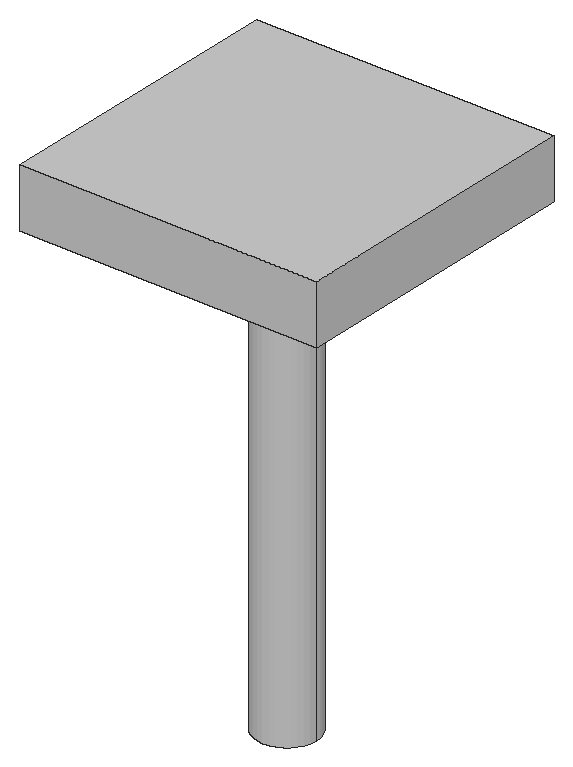
Revit family "M_Coluna redonda de concreto com cobertura solta", category Pilares estruturais, Revit 2019
Family settings
  Exibir em vistas ocultas = Arestas ocultadas por outros membros
  Forma do corte = Não definido
  Material para o comportamento do modelo = Concreto
  Exportar sempre como geometria = Não
  Redução da viga na planta = Da geometria
  Número OmniClass = 23.25.30.11.14.11
  Título OmniClass = Columns
  ID de item do Seek = Concrete-Round-Column with Drop Caps-0000-CAN-ENU
  Corte com vazios quando carregada = Não
  Representação simbólica = Da família
  Compartilhado = Não
  Exibir o pré-corte da família na vista da planta = Não
Parameters (values of type "M_300mm")
  b 1 = b / 2  # 150 mm
  Structural Material [instance] = Concreto - Moldado in loco
  Espessura da laje = 120 mm
  Mostrar painel de transição [instance] = yes
  Mostrar capital [instance] = yes
  Altura 1 [instance] = if(Mostrar capital, Altura principal, 0 mm)  # 300 mm
  Largura do painel de transição = 1500 mm
  Comprimento do painel de transição = 1500 mm
  Espessura do painel de transição = 300 mm
  Raio superior principal = 450 mm
  Deslocamento superior principal [instance] = if(Mostrar painel de transição, Espessura do painel de transição, 0 mm)  # 300 mm
  Altura principal = 300 mm
  Código de montagem = "B10"
  b = 300 mm
Types (4, lengths in mm): name | b 1 | b
  M_300mm | 150 | 300
  M_450mm | 225 | 450
  M_600mm | 300 | 600
  M_750mm | 375 | 750
Reference planes
  plane 1 "Centro (Frente/Trás)": y = 0
  plane 2: z = 0
  plane 3 "Centro (Esquerda/Direita)": x = 0
  plane 4: x = -152.4
  plane 5: x = 147.6
  plane 6: y = 150
  plane 7: y = -150
  plane 8: z = 2743.2
  plane 9: z = 2623.2
  plane 10: z = 2323.2
  plane 11: z = 2023.2
  plane 12: y = 750
  plane 13: y = -750
  plane 14: x = -750
  plane 15: x = 750
  plane 16: x = -450
  plane 17: x = 450
  plane 18: y = 450
  plane 19: y = -450
  plane 20: z = 2023.2
  plane 21: z = 2323.2
  plane 22: x = 0
  plane 23: y = 0
Forms (mm)
  Extrusion 1, solid, material "Concreto - Moldado in loco" <- "Structural Material"
    sketch origin (0, 0, 0) x (1, 0, 0) y (0, 1, 0)
      loop
        circle (0, 0) r 150
    from 0 to 2023.2
Lines and regions (mm)
  symbolic lines, style "HiddenStructuralColumnLines"
    curve 1: circle (0, 0, 0) r 150 normal (0, 0, 1)
Dimensions and locks
  equal spacing: plane 7, plane 1 "Centro (Frente/Trás)", plane 6
  "b": plane 7 to plane 6
  "b": plane 4 to plane 5
  "Espessura da laje": plane 8 to plane 9
  "Espessura do painel de transição": plane 9 to plane 10
  "Largura do painel de transição": plane 13 to plane 12
  "Comprimento do painel de transição": plane 14 to plane 15
  equal spacing: plane 14, plane 3 "Centro (Esquerda/Direita)", plane 15
  "Raio superior principal": plane 16 to plane 3 "Centro (Esquerda/Direita)"
  "Raio superior principal": plane 3 "Centro (Esquerda/Direita)" to plane 17
  "Raio superior principal": plane 1 "Centro (Frente/Trás)" to plane 18
  "Raio superior principal": plane 1 "Centro (Frente/Trás)" to plane 19
  equal spacing: plane 13, plane 1 "Centro (Frente/Trás)", plane 12
  "Deslocamento superior principal": plane 9 to plane 21
  "Altura 1": plane 21 to plane 20
  "Altura principal": plane 21 to plane 11
  "b 1": radius of Extrusion 1 sketch curve
  "b 1": radius of curve 1
  aligned and locked: level to plane 2
  aligned and locked: plane 9 to nested 2
  aligned and locked: nested 2 to plane 10
  aligned and locked: nested 2 to plane 14  (x2)
  aligned and locked: nested 2 to plane 15  (x2)
  aligned and locked: plane 12 to nested 2
  aligned and locked: plane 13 to nested 2
  aligned and locked: plane 16 to nested 1
  aligned and locked: plane 17 to nested 1
  aligned and locked: plane 18 to nested 1
  aligned and locked: nested 1 to plane 19
  aligned and locked: plane 1 "Centro (Frente/Trás)" to Extrusion 1 sketch curve
  aligned and locked: plane 3 "Centro (Esquerda/Direita)" to Extrusion 1 sketch curve
  aligned and locked: plane 20 to Extrusion 1
  aligned and locked: Extrusion 1 to plane 2
  aligned and locked: nested 1 to plane 11
  aligned and locked: plane 21 to nested 1
  aligned and locked: plane 22 to plane 3 "Centro (Esquerda/Direita)"
  aligned and locked: plane 23 to plane 1 "Centro (Frente/Trás)"
  aligned and locked: level to plane 8
  aligned and locked: plane 1 "Centro (Frente/Trás)" to curve 1
  aligned and locked: plane 3 "Centro (Esquerda/Direita)" to curve 1
Nested families
  nested 1: "M_Principal mescla cônica" at (0, 0, 2443.2), visible <- "Mostrar capital", type "M_Principal mescla cônica"
  nested 2: "M_Cobertura solta plana" at (0, 0, 2743.2), visible <- "Mostrar painel de transição", type "M_Cobertura solta plana"
Definition of nested family "M_Principal mescla cônica"
  Parameters
    Espessura da laje = 120 mm
    Raio da cobertura superior = 450 mm
    Espessura da cobertura = 300 mm
    Material da cobertura = none
    Raio da cobertura base = 150 mm
    Assembly Code = ""
  Reference planes
    plane 1 "Centro (Frente/Trás)": y = 0
    plane 2: z = 0
    plane 3 "Centro (Esquerda/Direita)": x = 0
    plane 4: z = -120
    plane 5: z = -420
    plane 6: x = -450
    plane 7: x = 450
    plane 8: y = 450
    plane 9: y = -450
    plane 10: x = 0
    plane 11: y = 0
    plane 12: x = -450
    plane 13: x = 450
    plane 14: y = 450
    plane 15: y = -450
  Forms (mm)
    Blend 1, solid, material <- "Material da cobertura"
      base sketch origin (0, 0, 0) x (1, 0, 0) y (0, 1, 0)
        loop
          circle (0, 0) r 150
      top sketch origin (0, 0, 0) x (1, 0, 0) y (0, 1, 0)
        loop
          circle (0, 0) r 450
      from -420 to -120
  Dimensions and locks
    "Espessura da laje": plane 2 to plane 4
    "Espessura da cobertura": plane 4 to plane 5
    "Raio da cobertura superior": plane 6 to plane 3 "Centro (Esquerda/Direita)"
    "Raio da cobertura superior": plane 7 to plane 3 "Centro (Esquerda/Direita)"
    "Raio da cobertura superior": plane 1 "Centro (Frente/Trás)" to plane 8
    "Raio da cobertura superior": plane 1 "Centro (Frente/Trás)" to plane 9
    "Raio da cobertura base": radius of Blend 1 sketch curve
    "Raio da cobertura superior": radius of Blend 1 sketch curve
    aligned and locked: plane 2 to level
    aligned and locked: plane 1 "Centro (Frente/Trás)" to Blend 1 sketch curve  (x2)
    aligned and locked: plane 3 "Centro (Esquerda/Direita)" to Blend 1 sketch curve  (x2)
    aligned and locked: Blend 1 to plane 5
    aligned and locked: plane 4 to Blend 1
    aligned and locked: plane 3 "Centro (Esquerda/Direita)" to plane 10
    aligned and locked: plane 11 to plane 1 "Centro (Frente/Trás)"
    aligned and locked: plane 12 to Blend 1
    aligned and locked: plane 13 to Blend 1
    aligned and locked: plane 8 to plane 14
    aligned and locked: plane 9 to plane 15
Definition of nested family "M_Cobertura solta plana"
  Parameters
    Espessura da laje = 120 mm
    Material da cobertura = none
    Largura do painel de transição = 1500 mm
    Espessura do painel de transição = 300 mm
    Comprimento do painel de transição = 1500 mm
    Assembly Code = ""
  Reference planes
    plane 1 "Centro (Frente/Trás)": y = 0
    plane 2: z = 0
    plane 3 "Centro (Esquerda/Direita)": x = 0
    plane 4: y = 750
    plane 5: y = -750
    plane 6: x = -750
    plane 7: x = 750
    plane 8: z = -120
    plane 9: z = -420
  Forms (mm)
    Extrusion 1, solid, material <- "Material da cobertura"
      sketch origin (0, 0, 0) x (1, 0, 0) y (0, 1, 0)
        loop
          line (-750, 750) -> (-750, -750) -> (750, -750) -> (750, 750) -> (-750, 750)
      from -120 to -420
  Dimensions and locks
    "Comprimento do painel de transição": plane 6 to plane 7
    "Largura do painel de transição": plane 4 to plane 5
    equal spacing: plane 6, plane 3 "Centro (Esquerda/Direita)", plane 7
    equal spacing: plane 4, plane 1 "Centro (Frente/Trás)", plane 5
    "Espessura da laje": plane 2 to plane 8
    "Espessura do painel de transição": plane 8 to plane 9
    aligned and locked: plane 2 to level
    aligned and locked: plane 6 to Extrusion 1 sketch curve
    aligned and locked: Extrusion 1 sketch curve to plane 4
    aligned and locked: plane 5 to Extrusion 1 sketch curve
    aligned and locked: Extrusion 1 sketch curve to plane 7
    aligned and locked: Extrusion 1 to plane 9
    aligned and locked: plane 8 to Extrusion 1
